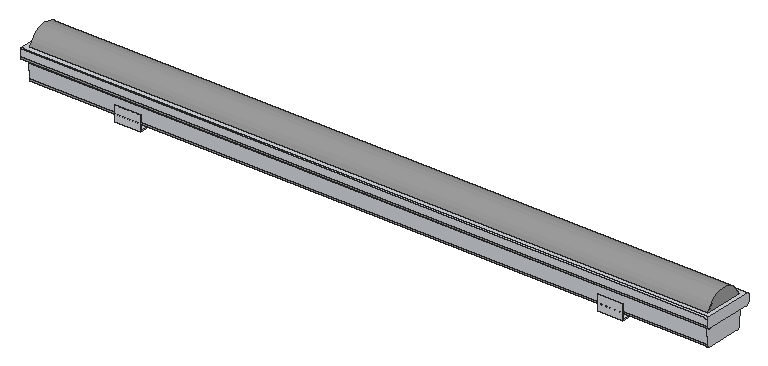
Revit family "0010224", category Lighting Fixtures, host Face, Revit 2018
Family settings
  Host = Face
  Round Connector Dimension = Use Diameter
  Part Type = Normal
  OmniClass Number = 23.80.70.00
  OmniClass Title = Lighting
  Cut with Voids When Loaded = No
  Light Source = Yes
  Shared = No
  Room Calculation Point = No
Parameters (values of type "0010224 RESISTO 1200 IP66 DALI 2800LM 840")
  Weight = "1.59 kg"
  Wattage Comments = ""
  Wattage = 21 W
  WarrantyStartDate [instance] = "n/a"
  WarrantyGuarantorParts = "n/a"
  WarrantyDurationUnit = "n/a"
  WarrantyDurationParts = "n/a"
  WarrantyDescription = "n/a"
  WIDTH_SYL = 44.5 mm
  built-in parameter 1150110 = 1 (stored number, unit not read)
  Voltage = 0 V
  URL = "http://www.sylvania-lighting.com"
  TypeName = "Resisto  1200 IP66 DALI 2800lm 840"
  Type Image = <None>
  Type Comments = "n/a"
  built-in parameter 1114217 = 1 (stored number, unit not read)
  Tilt Angle = -90.00°
  built-in parameter 1150109 = 1 (stored number, unit not read)
  built-in parameter 1150134 = 12
  TOP_WIDTH_SYL = 33.5 mm
  built-in parameter 1150113 = 1 (stored number, unit not read)
  SerialNumber [instance] = "n/a"
  Photometric Web File = "0010224.IES"
  Material_3_SYL = none
  PowerFactor = 0.98
  PowerConsumption = "21 W"
  NominalLength = 1200 mm
  NominalHeight = 80 mm
  NominalDepth = 87 mm
  Name = "Resisto  1200 IP66 DALI 2800lm 840"
  ModelReference = Name  # "Resisto  1200 IP66 DALI 2800lm 840"
  ModelNumber = "0010224"
  Model = Name  # "Resisto  1200 IP66 DALI 2800lm 840"
  Material = "pc polycarbonate housing, pc polycarbonate diffuser"
  ManufacturerName = "Feilo Sylvania"
  Manufacturer = "Feilo Sylvania"
  MID_WIDTH_SYL = 36 mm
  LuminousEfficacy = "133 lm/W"
  built-in parameter 1150105 = 917.95 (stored number, unit not read)
  Lumens = 2793 lm
  LuminaireType = ""
  built-in parameter 1150115 = 1 (stored number, unit not read)
  LightOutputRatio = "n/a"
  built-in parameter 1150137 = (empty or 0)
  built-in parameter 1150139 = (empty or 0)
  LampsType = Lamp  # "LED"
  LampNominalLuminous = "2800 lm"
  LampMacAdamStep = "5"
  LampColourTemperature = "4000 K"
  LampColourRenderingIndex = "80"
  built-in parameter 1150112 = 1 (stored number, unit not read)
  built-in parameter 1150114 = 1 (stored number, unit not read)
  Lamp = "LED"
  LENGHT_SYL = if(L1500_SYL, 742 mm, if(L1200_SYL, 592 mm, 317 mm))  # 592 mm
  LENGHT_CHAMFER_SYL = if(L1500_SYL, 750 mm, if(L1200_SYL, 600 mm, 325 mm))  # 600 mm
  LENGHT_650_SYL = 325 mm
  LENGHT-_SYL = if(L1500_SYL, -742 mm, if(L1200_SYL, -592 mm, -317 mm))  # -592 mm
  LENGHT-_CHAMFER_SYL = if(L1500_SYL, -750 mm, if(L1200_SYL, -600 mm, -325 mm))  # -600 mm
  LEGHT_650-_SYL = -325 mm
  LEGHT_1500_SYL = 750 mm
  LEGHT_1500-_SYL = -750 mm
  LEGHT_1200_SYL = 600 mm
  LEGHT_1200-_SYL = -600 mm
  L0650_SYL = no
  L1500_SYL = no
  L1200_SYL = yes
  Keynote = "16500"
  InstallationDate [instance] = "n/a"
  InputVoltage = "n/a"
  InputNominalFrequency = "n/a"
  built-in parameter 1150132 = (empty or 0)
  built-in parameter 1150102 = (empty or 0)
  built-in parameter 1150107 = 4000 (stored number, unit not read)
  built-in parameter 1150138 = (empty or 0)
  IngressProtection = "IP66"
  ImpactProtectionIndex = "IK08"
  built-in parameter 1150106 = 9.1795 (stored number, unit not read)
  IfcExportType = "IfcLightFixtureType"
  IfcExportAs = "IfcLightFixtureType"
  Emit from Circle Diameter = 609.6 mm
  Emit Shape Visible in Rendering = no
  ElectricShockClassification = "Class I"
  built-in parameter 1150104 = 12.356 (stored number, unit not read)
  DocumentationLiterature = "http://www.sylvania-lighting.com/product/en-int/products/0010224"
  DimmingControlOptions = "n/a"
  Material_2_SYL = none
  Dimming Lamp Color Temperature Shift = <None>
  Description = "Resisto, integrated LED weatherproof luminaire, with UV stabilized flat diffuser designed to achieve uniform lit appearance, optimise light output and to reduce glare. 301 stainless steel diffuser clips and fixing brackets for surface mounting. Polycarbonate housing and diffuser - no yellow discolouration over time. 2800lm; 21W; 133lm/W; 4000K; SDCM<5; DALI dimmable; CRI80; IP66; IK08; Class I; 69,000hrs (L80B20) lifespan; 1200mm x 89mm x 88mm; D-mark."
  Default Elevation = 1219.2 mm
  DIF_WIDHT_SYL = 35 mm
  DIF_HEIGHT_SYL = 24 mm
  CreatedOn = "3/10/2021"
  CreatedBy = "@sylvania-lighting.com"
  Cost = 0
  Color Filter = 16777215
  built-in parameter 1114216 [instance] = (empty or 0)
  ClassificationValue = "EF_70_80"
  ClassificationName = "Uniclass2015"
  Material_1_SYL = Default
  CHAMFER_SYL = 19 mm
  BarCode [instance] = "n/a"
  built-in parameter 1114218 = 1 (stored number, unit not read)
  BRACKET_WIDTH_SYL = BRACKET_DIST_SYL - 44 mm  # 400 mm
  BRACKET_HEIGHT_SYL = 9 mm
  BRACKET_DIST_SYL = LENGHT_CHAMFER_SYL - 156 mm  # 444 mm
  BODY_SYL = 36 mm
  built-in parameter 1150133 = 10 (stored number, unit not read)
  AssetType = "Fixed"
  AssetIdentifier [instance] = "n/a"
  Assembly Code = "D5020200"
  Apparent Load = 21 VA
  Material_4_SYL = none
Reference planes
  plane 1 "Center (Front/Back)": y = 0
  plane 2: z = 0
  plane 3 "Center (Left/Right)": x = 0
  plane 4: z = 9
  plane 5: z = 45
  plane 6: z = 64
  plane 7: z = 88
  plane 8: y = -44.5
  plane 9: y = 44.5
  plane 10: y = -35
  plane 11: y = 35
  plane 12: y = 33.5
  plane 13: y = -33.5
  plane 14: y = -36
  plane 15: y = 36
  plane 16: z = 1
Forms (mm)
  Extrusion 1, solid
    sketch origin (319, 1524, 1219.2) x (0, 1, 0) y (0, 0, 1)
      loop
        line (-1552.835, -1210.2) -> (-1495.165, -1210.2)
        arc (-1495.165, -1210.2) -> (-1491.754, -1208.856) -> (-1490.177, -1205.546) r 5
        line (-1490.177, -1205.546) -> (-1488.323, -1178.854) -> (-1488, -1174.2) -> (-1560, -1174.2) -> (-1559.677, -1178.854) -> (-1557.823, -1205.546)
        arc (-1557.823, -1205.546) -> (-1556.246, -1208.856) -> (-1552.835, -1210.2) r 5
    from -592 <- "LENGHT-_SYL" to 592 <- "LENGHT_SYL"
  Extrusion 2, solid, material "Default" <- "Material_1_SYL"
    sketch origin (319, 1524, 1219.2) x (0, 1, 0) y (0, 0, 1)
      loop
        arc (-1490.5, -1155.2) -> (-1524, -1131.2) -> (-1557.5, -1155.2) r 35.38
        line (-1557.5, -1155.2) -> (-1490.5, -1155.2)
    from -592 <- "LENGHT-_SYL" to 592 <- "LENGHT_SYL"
  Extrusion 3, solid
    sketch origin (319, 1524, 1219.2) x (0, 1, 0) y (0, 0, 1)
      loop
        line (-1481.5, -1155.2) -> (-1566.5, -1155.2)
        arc (-1566.5, -1155.2) -> (-1567.914, -1155.786) -> (-1568.5, -1157.2) r 2
        line (-1568.5, -1157.2) -> (-1568.5, -1169.2)
        arc (-1568.5, -1169.2) -> (-1567.036, -1172.736) -> (-1563.5, -1174.2) r 5
        line (-1563.5, -1174.2) -> (-1484.5, -1174.2)
        arc (-1484.5, -1174.2) -> (-1480.964, -1172.736) -> (-1479.5, -1169.2) r 5
        line (-1479.5, -1169.2) -> (-1479.5, -1157.2)
        arc (-1479.5, -1157.2) -> (-1480.086, -1155.786) -> (-1481.5, -1155.2) r 2
    from -600 <- "LENGHT-_CHAMFER_SYL" to 600 <- "LENGHT_CHAMFER_SYL"
  Extrusion 4, solid
    sketch origin (319, 1524, 1219.2) x (0, 1, 0) y (0, 0, 1)
      loop
        line (-1489, -1219.2) -> (-1489, -1192.216) -> (-1490.5, -1192.216) -> (-1490.5, -1218.2) -> (-1557.5, -1218.2) -> (-1557.5, -1192.172) -> (-1559, -1192.172) -> (-1559, -1219.2) -> (-1489, -1219.2)
    from 400 <- "BRACKET_WIDTH_SYL" to 444 <- "BRACKET_DIST_SYL"
  Extrusion 5, solid
    sketch origin (321, 1524, 1219.2) x (0, 1, 0) y (0, 0, -1)
      loop
        line (-1489, 1219.2) -> (-1559, 1219.2) -> (-1559, 1192.172) -> (-1557.5, 1192.172) -> (-1557.5, 1218.2) -> (-1490.5, 1218.2) -> (-1490.5, 1192.216) -> (-1489, 1192.216) -> (-1489, 1219.2)
    from 400 <- "BRACKET_WIDTH_SYL" to 444 <- "BRACKET_DIST_SYL"
Dimensions and locks
  "BRACKET_HEIGHT_SYL": plane 4 to host face
  "BODY_SYL": plane 4 to plane 5
  "CHAMFER_SYL": plane 5 to plane 6
  "DIF_HEIGHT_SYL": plane 6 to plane 7
  "WIDTH_SYL": plane 9 to plane 1 "Center (Front/Back)" to plane 8
  "DIF_WIDHT_SYL": plane 11 to plane 1 "Center (Front/Back)" to plane 10
  "TOP_WIDTH_SYL": plane 12 to plane 1 "Center (Front/Back)" to plane 13
  "MID_WIDTH_SYL": plane 15 to plane 1 "Center (Front/Back)" to plane 14
  aligned and locked: plane 2 to host face
  aligned and locked: level to host face
  aligned and locked: Extrusion 3 sketch curve to plane 6
  aligned and locked: Extrusion 3 sketch curve to plane 9
  aligned and locked: plane 5 to Extrusion 3 sketch curve
  aligned and locked: plane 8 to Extrusion 3 sketch curve
Automatic sketch dimensions
  host sketch curve to host sketch curve = 2438.4 mm  (x2)
  plane 5 to Extrusion 1 sketch curve = 0 mm
  Extrusion 1 sketch curve to plane 14 = 0 mm
  plane 4 to Extrusion 1 sketch curve = 0 mm
  Extrusion 1 sketch curve to plane 15 = 0 mm
  Extrusion 1 sketch curve to plane 14 = 0.323 mm
  plane 13 to Extrusion 1 sketch curve = 0.323 mm
  Extrusion 1 sketch curve to plane 13 = 4.665 mm
  plane 12 to Extrusion 1 sketch curve = 4.665 mm
  Extrusion 1 sketch curve to plane 12 = 0.323 mm
  plane 15 to Extrusion 1 sketch curve = 0.323 mm
  Extrusion 1 sketch curve to plane 4 = 4.654 mm  (x2)
  plane 5 to Extrusion 1 sketch curve = 4.654 mm  (x2)
  plane 6 to Extrusion 2 sketch curve = 0 mm
  Extrusion 2 sketch curve to plane 13 = 0 mm
  Extrusion 2 sketch curve to plane 1 "Center (Front/Back)" = 0 mm
  Extrusion 2 sketch curve to plane 5 = 7.62 mm
  Extrusion 3 sketch curve to plane 8 = 2 mm
  plane 14 to Extrusion 3 sketch curve = 3.5 mm
  Extrusion 3 sketch curve to plane 15 = 3.5 mm
  plane 6 to Extrusion 3 sketch curve = 2 mm
  Extrusion 4 sketch curve to level = 0 mm
  Extrusion 4 sketch curve to plane 10 = 0 mm
  Extrusion 4 sketch curve to plane 13 = 0 mm
  Extrusion 4 sketch curve to plane 12 = 0 mm
  Extrusion 4 sketch curve to plane 11 = 0 mm
  plane 16 to Extrusion 4 sketch curve = 0 mm
  Extrusion 4 sketch curve to plane 4 = 17.984 mm
  plane 5 to Extrusion 4 sketch curve = 17.972 mm
  Extrusion 5 sketch curve to level = 0 mm
  Extrusion 5 sketch curve to plane 10 = 0 mm
  Extrusion 5 sketch curve to plane 13 = 0 mm
  Extrusion 5 sketch curve to plane 12 = 0 mm
  Extrusion 5 sketch curve to plane 11 = 0 mm
  plane 16 to Extrusion 5 sketch curve = 0 mm
  Extrusion 5 sketch curve to plane 4 = 17.984 mm
  plane 5 to Extrusion 5 sketch curve = 17.972 mm
Connectors
  electrical at (-273, 0, 27)
    settings: on Extrusion 1, index 1, voltage 0 V, apparent load 0 VA, apparent load phase1 0 VA, apparent load phase2 0 VA, apparent load phase3 0 VA, power factor 1, load classification "Other", number of poles 1, system type 31, power factor state 1, is connector primary yes, connector utility no, sub classification motor no, connector description ""
Types (60, lengths in mm): name | Weight | Wattage | TypeName | built-in parameter 1150134 | Photometric Web File | PowerFactor | PowerConsumption | NominalLength | Name | ModelReference | ModelNumber | Model | LuminousEfficacy | built-in parameter 1150105 | Lumens | LampNominalLuminous | LampMacAdamStep | LampColourTemperature | LENGHT_SYL | LENGHT_CHAMFER_SYL | LENGHT-_SYL | LENGHT-_CHAMFER_SYL | L0650_SYL | L1500_SYL | L1200_SYL | built-in parameter 1150107 | built-in parameter 1150106 | built-in parameter 1150104 | DocumentationLiterature | Description | BRACKET_WIDTH_SYL | BRACKET_DIST_SYL | Apparent Load
  0010278 RESISTO 1500 HE IP66 8300LM 840 | "1.95 kg" | 54 W | "Resisto 1500 HE IP66 8300lm 840" | 12 | "0010278.ies" | 0.95 | "54 W" | 1500 | "Resisto 1500 HE IP66 8300lm 840" | "Resisto 1500 HE IP66 8300lm 840" | "0010278" | "Resisto 1500 HE IP66 8300lm 840" | "154 lm/W" | 2674.3 (stored number, unit not read) | 8316 lm | "8300 lm" | "3" | "4000 K" | 742 | 750 | -742 | -750 | no | yes | no | 4000 (stored number, unit not read) | 26.743 (stored number, unit not read) | 14.307 (stored number, unit not read) | "http://www.sylvania-lighting.com/product/en-int/products/0010278" | "Resisto, integrated LED weatherproof luminaire, with UV stabilized flat diffuser designed to achieve uniform lit appearance, optimise light output and to reduce glare. 301 stainless steel diffuser clips and fixing brackets for surface mounting. Polycarbonate housing and diffuser - no yellow discolouration over time. 8300lm; 54W; 154lm/W; 4000K; SDCM<3; non dimmable; CRI80; IP66; IK08; Class I; 69,000hrs (L80B20) lifespan; 1500mm x 89mm x 88mm; D-mark." | 550 | 594 | 54 VA
  0010274 RESISTO 1500 HE IP66 DALI 7100LM 840 | "2.01 kg" | 46 W | "Resisto 1500 HE IP66 DALI 7100lm 840" | 12 | "0010274.ies" | 0.98 | "46 W" | 1500 | "Resisto 1500 HE IP66 DALI 7100lm 840" | "Resisto 1500 HE IP66 DALI 7100lm 840" | "0010274" | "Resisto 1500 HE IP66 DALI 7100lm 840" | "154 lm/W" | 2362.2 (stored number, unit not read) | 7084 lm | "7100 lm" | "3" | "4000 K" | 742 | 750 | -742 | -750 | no | yes | no | 4000 (stored number, unit not read) | 23.622 (stored number, unit not read) | 14.307 (stored number, unit not read) | "http://www.sylvania-lighting.com/product/en-int/products/0010274" | "Resisto, integrated LED weatherproof luminaire, with UV stabilized flat diffuser designed to achieve uniform lit appearance, optimise light output and to reduce glare. 301 stainless steel diffuser clips and fixing brackets for surface mounting. Polycarbonate housing and diffuser - no yellow discolouration over time. 7100lm; 46W; 154lm/W; 4000K; SDCM<3; DALI dimmable; CRI80; IP66; IK08; Class I; 69,000hrs (L80B20) lifespan; 1500mm x 89mm x 88mm; D-mark." | 550 | 594 | 46 VA
  0010273 RESISTO 1500 HE IP66 DALI 4000LM 840 | "1.95 kg" | 25 W | "Resisto 1500 HE IP66 DALI 4000lm 840" | 12 | "0010273.ies" | 0.98 | "25 W" | 1500 | "Resisto 1500 HE IP66 DALI 4000lm 840" | "Resisto 1500 HE IP66 DALI 4000lm 840" | "0010273" | "Resisto 1500 HE IP66 DALI 4000lm 840" | "160 lm/W" | 1286.3 (stored number, unit not read) | 4000 lm | "4000 lm" | "3" | "4000 K" | 742 | 750 | -742 | -750 | no | yes | no | 4000 (stored number, unit not read) | 12.863 (stored number, unit not read) | 14.864 (stored number, unit not read) | "http://www.sylvania-lighting.com/product/en-int/products/0010273" | "Resisto, integrated LED weatherproof luminaire, with UV stabilized flat diffuser designed to achieve uniform lit appearance, optimise light output and to reduce glare. 301 stainless steel diffuser clips and fixing brackets for surface mounting. Polycarbonate housing and diffuser - no yellow discolouration over time. 4000lm; 25W; 160lm/W; 4000K; SDCM<3; DALI dimmable; CRI80; IP66; IK08; Class I; 69,000hrs (L80B20) lifespan; 1500mm x 89mm x 88mm; D-mark." | 550 | 594 | 25 VA
  0010272 RESISTO 1500 HE IP66 7100LM 840 EM | "2.58 kg" | 50 W | "Resisto 1500 HE IP66 7100lm 840 EM" | 12 | "0010272.ies" | 0.95 | "50 W" | 1500 | "Resisto 1500 HE IP66 7100lm 840 EM" | "Resisto 1500 HE IP66 7100lm 840 EM" | "0010272" | "Resisto 1500 HE IP66 7100lm 840 EM" | "142 lm/W" | 2367.5 (stored number, unit not read) | 7100 lm | "7100 lm" | "3" | "4000 K" | 742 | 750 | -742 | -750 | no | yes | no | 4000 (stored number, unit not read) | 23.675 (stored number, unit not read) | 13.192 (stored number, unit not read) | "http://www.sylvania-lighting.com/product/en-int/products/0010272" | "Resisto, integrated LED weatherproof luminaire, with UV stabilized flat diffuser designed to achieve uniform lit appearance, optimise light output and to reduce glare. 301 stainless steel diffuser clips and fixing brackets for surface mounting. Polycarbonate housing and diffuser - no yellow discolouration over time. 7100lm; 50W; 142lm/W; 4000K; SDCM<3; non dimmable; CRI80; IP66; IK08; Class I; 69,000hrs (L80B20) lifespan; 1500mm x 89mm x 88mm; D-mark; 3-hour maintained emergency batteries." | 550 | 594 | 50 VA
  0010271 RESISTO 1500 HE IP66 4000LM 840 EM | "2.51 kg" | 29 W | "Resisto 1500 HE IP66 4000lm 840 EM" | 12 | "0010271.ies" | 0.95 | "29 W" | 1500 | "Resisto 1500 HE IP66 4000lm 840 EM" | "Resisto 1500 HE IP66 4000lm 840 EM" | "0010271" | "Resisto 1500 HE IP66 4000lm 840 EM" | "138 lm/W" | 1287 (stored number, unit not read) | 4002 lm | "4000 lm" | "3" | "4000 K" | 742 | 750 | -742 | -750 | no | yes | no | 4000 (stored number, unit not read) | 12.87 (stored number, unit not read) | 12.821 (stored number, unit not read) | "http://www.sylvania-lighting.com/product/en-int/products/0010271" | "Resisto, integrated LED weatherproof luminaire, with UV stabilized flat diffuser designed to achieve uniform lit appearance, optimise light output and to reduce glare. 301 stainless steel diffuser clips and fixing brackets for surface mounting. Polycarbonate housing and diffuser - no yellow discolouration over time. 4000lm; 29W; 138lm/W; 4000K; SDCM<3; non dimmable; CRI80; IP66; IK08; Class I; 69,000hrs (L80B20) lifespan; 1500mm x 89mm x 88mm; D-mark; 3-hour maintained emergency batteries." | 550 | 594 | 29 VA
  0010269 RESISTO 1500 HE IP66 7100LM 840 | "1.95 kg" | 46 W | "Resisto  1500 HE IP66 7100lm 840" | 12 | "0010269.ies" | 0.95 | "46 W" | 1500 | "Resisto  1500 HE IP66 7100lm 840" | "Resisto  1500 HE IP66 7100lm 840" | "0010269" | "Resisto  1500 HE IP66 7100lm 840" | "154 lm/W" | 2362.2 (stored number, unit not read) | 7084 lm | "7100 lm" | "3" | "4000 K" | 742 | 750 | -742 | -750 | no | yes | no | 4000 (stored number, unit not read) | 23.622 (stored number, unit not read) | 14.307 (stored number, unit not read) | "http://www.sylvania-lighting.com/product/en-int/products/0010269" | "Resisto, integrated LED weatherproof luminaire, with UV stabilized flat diffuser designed to achieve uniform lit appearance, optimise light output and to reduce glare. 301 stainless steel diffuser clips and fixing brackets for surface mounting. Polycarbonate housing and diffuser - no yellow discolouration over time. 7100lm; 46W; 154lm/W; 4000K; SDCM<3; non dimmable; CRI80; IP66; IK08; Class I; 69,000hrs (L80B20) lifespan; 1500mm x 89mm x 88mm; D-mark." | 550 | 594 | 46 VA
  0010268 RESISTO 1500 HE IP66 4000LM 840 | "1.87 kg" | 25 W | "Resisto  1500 HE IP66 4000lm 840" | 12 | "0010268.ies" | 0.95 | "25 W" | 1500 | "Resisto  1500 HE IP66 4000lm 840" | "Resisto  1500 HE IP66 4000lm 840" | "0010268" | "Resisto  1500 HE IP66 4000lm 840" | "160 lm/W" | 1286.3 (stored number, unit not read) | 4000 lm | "4000 lm" | "3" | "4000 K" | 742 | 750 | -742 | -750 | no | yes | no | 4000 (stored number, unit not read) | 12.863 (stored number, unit not read) | 14.864 (stored number, unit not read) | "http://www.sylvania-lighting.com/product/en-int/products/0010268" | "Resisto, integrated LED weatherproof luminaire, with UV stabilized flat diffuser designed to achieve uniform lit appearance, optimise light output and to reduce glare. 301 stainless steel diffuser clips and fixing brackets for surface mounting. Polycarbonate housing and diffuser - no yellow discolouration over time. 4000lm; 25W; 160lm/W; 4000K; SDCM<3; non dimmable; CRI80; IP66; IK08; Class I; 69,000hrs (L80B20) lifespan; 1500mm x 89mm x 88mm; D-mark." | 550 | 594 | 25 VA
  0010261 RESISTO 1500 IP66 DALI 8300LM 840 | "2.01 kg" | 61 W | "Resisto  1500 IP66 DALI 8300lm 840" | 12 | "0010261.ies" | 0.99 | "61 W" | 1500 | "Resisto  1500 IP66 DALI 8300lm 840" | "Resisto  1500 IP66 DALI 8300lm 840" | "0010261" | "Resisto  1500 IP66 DALI 8300lm 840" | "136 lm/W" | 2792.8 (stored number, unit not read) | 8296 lm | "8300 lm" | "5" | "4000 K" | 742 | 750 | -742 | -750 | no | yes | no | 4000 (stored number, unit not read) | 27.928 (stored number, unit not read) | 12.635 (stored number, unit not read) | "http://www.sylvania-lighting.com/product/en-int/products/0010261" | "Resisto, integrated LED weatherproof luminaire, with UV stabilized flat diffuser designed to achieve uniform lit appearance, optimise light output and to reduce glare. 301 stainless steel diffuser clips and fixing brackets for surface mounting. Polycarbonate housing and diffuser - no yellow discolouration over time. 8300lm; 61W; 136lm/W; 4000K; SDCM<5; DALI dimmable; CRI80; IP66; IK08; Class I; 69,000hrs (L80B20) lifespan; 1500mm x 89mm x 88mm; D-mark." | 550 | 594 | 61 VA
  0010260 RESISTO 1500 IP66 DALI 7100LM 840 | "2.01 kg" | 52 W | "Resisto  1500 IP66 DALI 7100lm 840" | 12 | "0010260.ies" | 0.99 | "52 W" | 1500 | "Resisto  1500 IP66 DALI 7100lm 840" | "Resisto  1500 IP66 DALI 7100lm 840" | "0010260" | "Resisto  1500 IP66 DALI 7100lm 840" | "137 lm/W" | 2375.5 (stored number, unit not read) | 7124 lm | "7100 lm" | "5" | "4000 K" | 742 | 750 | -742 | -750 | no | yes | no | 4000 (stored number, unit not read) | 23.755 (stored number, unit not read) | 12.728 (stored number, unit not read) | "http://www.sylvania-lighting.com/product/en-int/products/0010260" | "Resisto, integrated LED weatherproof luminaire, with UV stabilized flat diffuser designed to achieve uniform lit appearance, optimise light output and to reduce glare. 301 stainless steel diffuser clips and fixing brackets for surface mounting. Polycarbonate housing and diffuser - no yellow discolouration over time. 7100lm; 52W; 137lm/W; 4000K; SDCM<5; DALI dimmable; CRI80; IP66; IK08; Class I; 69,000hrs (L80B20) lifespan; 1500mm x 89mm x 88mm; D-mark." | 550 | 594 | 52 VA
  0010259 RESISTO 1500 IP66 DALI 4000LM 840 | "1.95 kg" | 30 W | "Resisto  1500 IP66 DALI 4000lm 840" | 12 | "0010259.ies" | 0.98 | "30 W" | 1500 | "Resisto  1500 IP66 DALI 4000lm 840" | "Resisto  1500 IP66 DALI 4000lm 840" | "0010259" | "Resisto  1500 IP66 DALI 4000lm 840" | "133 lm/W" | 1283.1 (stored number, unit not read) | 3990 lm | "4000 lm" | "5" | "4000 K" | 742 | 750 | -742 | -750 | no | yes | no | 4000 (stored number, unit not read) | 12.831 (stored number, unit not read) | 12.356 (stored number, unit not read) | "http://www.sylvania-lighting.com/product/en-int/products/0010259" | "Resisto, integrated LED weatherproof luminaire, with UV stabilized flat diffuser designed to achieve uniform lit appearance, optimise light output and to reduce glare. 301 stainless steel diffuser clips and fixing brackets for surface mounting. Polycarbonate housing and diffuser - no yellow discolouration over time. 4000lm; 30W; 133lm/W; 4000K; SDCM<5; DALI dimmable; CRI80; IP66; IK08; Class I; 69,000hrs (L80B20) lifespan; 1500mm x 89mm x 88mm; D-mark." | 550 | 594 | 30 VA
  0010258 RESISTO 1500 IP66 MWCOR 7100LM 840 | "2.06 kg" | 52 W | "Resisto  1500 IP66 MWcor 7100lm 840" | 12 | "0010258.ies" | 0.99 | "52 W" | 1500 | "Resisto  1500 IP66 MWcor 7100lm 840" | "Resisto  1500 IP66 MWcor 7100lm 840" | "0010258" | "Resisto  1500 IP66 MWcor 7100lm 840" | "137 lm/W" | 2375.5 (stored number, unit not read) | 7124 lm | "7100 lm" | "5" | "4000 K" | 742 | 750 | -742 | -750 | no | yes | no | 4000 (stored number, unit not read) | 23.755 (stored number, unit not read) | 12.728 (stored number, unit not read) | "http://www.sylvania-lighting.com/product/en-int/products/0010258" | "Resisto, integrated LED weatherproof luminaire, with UV stabilized flat diffuser designed to achieve uniform lit appearance, optimise light output and to reduce glare. 301 stainless steel diffuser clips and fixing brackets for surface mounting. Polycarbonate housing and diffuser - no yellow discolouration over time. 7100lm; 52W; 137lm/W; 4000K; SDCM<5; non dimmable; CRI80; IP66; IK08; Class I; 69,000hrs (L80B20) lifespan; 1500mm x 89mm x 88mm; D-mark; corridor function with microwave presence sensor." | 550 | 594 | 52 VA
  0010257 RESISTO 1500 IP66 MWCOR 4000LM 840 | "2.0 kg" | 30 W | "Resisto  1500 IP66 MWcor 4000lm 840" | 12 | "0010257.ies" | 0.98 | "30 W" | 1500 | "Resisto  1500 IP66 MWcor 4000lm 840" | "Resisto  1500 IP66 MWcor 4000lm 840" | "0010257" | "Resisto  1500 IP66 MWcor 4000lm 840" | "133 lm/W" | 1283.1 (stored number, unit not read) | 3990 lm | "4000 lm" | "5" | "4000 K" | 742 | 750 | -742 | -750 | no | yes | no | 4000 (stored number, unit not read) | 12.831 (stored number, unit not read) | 12.356 (stored number, unit not read) | "http://www.sylvania-lighting.com/product/en-int/products/0010257" | "Resisto, integrated LED weatherproof luminaire, with UV stabilized flat diffuser designed to achieve uniform lit appearance, optimise light output and to reduce glare. 301 stainless steel diffuser clips and fixing brackets for surface mounting. Polycarbonate housing and diffuser - no yellow discolouration over time. 4000lm; 30W; 133lm/W; 4000K; SDCM<5; non dimmable; CRI80; IP66; IK08; Class I; 69,000hrs (L80B20) lifespan; 1500mm x 89mm x 88mm; D-mark; corridor function with microwave presence sensor." | 550 | 594 | 30 VA
  0010256 RESISTO 1500 IP66 MW 7100LM 840 | "2.0 kg" | 52 W | "Resisto  1500 IP66 MW 7100lm 840" | 12 | "0010256.ies" | 0.95 | "52 W" | 1500 | "Resisto  1500 IP66 MW 7100lm 840" | "Resisto  1500 IP66 MW 7100lm 840" | "0010256" | "Resisto  1500 IP66 MW 7100lm 840" | "137 lm/W" | 2375.5 (stored number, unit not read) | 7124 lm | "7100 lm" | "5" | "4000 K" | 742 | 750 | -742 | -750 | no | yes | no | 4000 (stored number, unit not read) | 23.755 (stored number, unit not read) | 12.728 (stored number, unit not read) | "http://www.sylvania-lighting.com/product/en-int/products/0010256" | "Resisto, integrated LED weatherproof luminaire, with UV stabilized flat diffuser designed to achieve uniform lit appearance, optimise light output and to reduce glare. 301 stainless steel diffuser clips and fixing brackets for surface mounting. Polycarbonate housing and diffuser - no yellow discolouration over time. 7100lm; 52W; 137lm/W; 4000K; SDCM<5; non dimmable; CRI80; IP66; IK08; Class I; 69,000hrs (L80B20) lifespan; 1500mm x 89mm x 88mm; D-mark; MW On/Off." | 550 | 594 | 52 VA
  0010255 RESISTO 1500 IP66 MW 4000LM 840 | "1.92 kg" | 30 W | "Resisto  1500 IP66 MW 4000lm 840" | 12 | "0010255.ies" | 0.95 | "30 W" | 1500 | "Resisto  1500 IP66 MW 4000lm 840" | "Resisto  1500 IP66 MW 4000lm 840" | "0010255" | "Resisto  1500 IP66 MW 4000lm 840" | "133 lm/W" | 1283.1 (stored number, unit not read) | 3990 lm | "4000 lm" | "5" | "4000 K" | 742 | 750 | -742 | -750 | no | yes | no | 4000 (stored number, unit not read) | 12.831 (stored number, unit not read) | 12.356 (stored number, unit not read) | "http://www.sylvania-lighting.com/product/en-int/products/0010255" | "Resisto, integrated LED weatherproof luminaire, with UV stabilized flat diffuser designed to achieve uniform lit appearance, optimise light output and to reduce glare. 301 stainless steel diffuser clips and fixing brackets for surface mounting. Polycarbonate housing and diffuser - no yellow discolouration over time. 4000lm; 30W; 133lm/W; 4000K; SDCM<5; non dimmable; CRI80; IP66; IK08; Class I; 69,000hrs (L80B20) lifespan; 1500mm x 89mm x 88mm; D-mark; MW On/Off." | 550 | 594 | 30 VA
  0010254 RESISTO 1500 IP66 7100LM 840 EM | "2.59 kg" | 56 W | "Resisto  1500 IP66 7100lm 840 EM" | 12 | "0010254.ies" | 0.95 | "56 W" | 1500 | "Resisto  1500 IP66 7100lm 840 EM" | "Resisto  1500 IP66 7100lm 840 EM" | "0010254" | "Resisto  1500 IP66 7100lm 840 EM" | "127 lm/W" | 2371.5 (stored number, unit not read) | 7112 lm | "7100 lm" | "5" | "4000 K" | 742 | 750 | -742 | -750 | no | yes | no | 4000 (stored number, unit not read) | 23.715 (stored number, unit not read) | 11.799 (stored number, unit not read) | "http://www.sylvania-lighting.com/product/en-int/products/0010254" | "Resisto, integrated LED weatherproof luminaire, with UV stabilized flat diffuser designed to achieve uniform lit appearance, optimise light output and to reduce glare. 301 stainless steel diffuser clips and fixing brackets for surface mounting. Polycarbonate housing and diffuser - no yellow discolouration over time. 7100lm; 56W; 127lm/W; 4000K; SDCM<5; non dimmable; CRI80; IP66; IK08; Class I; 69,000hrs (L80B20) lifespan; 1500mm x 89mm x 88mm; D-mark; 3-hour maintained emergency batteries." | 550 | 594 | 56 VA
  0010253 RESISTO 1500 IP66 4000LM 840 EM | "2.5 kg" | 34 W | "Resisto  1500 IP66 4000lm 840 EM" | 12 | "0010253.ies" | 0.95 | "34 W" | 1500 | "Resisto  1500 IP66 4000lm 840 EM" | "Resisto  1500 IP66 4000lm 840 EM" | "0010253" | "Resisto  1500 IP66 4000lm 840 EM" | "118 lm/W" | 1290.2 (stored number, unit not read) | 4012 lm | "4000 lm" | "5" | "4000 K" | 742 | 750 | -742 | -750 | no | yes | no | 4000 (stored number, unit not read) | 12.902 (stored number, unit not read) | 10.963 (stored number, unit not read) | "http://www.sylvania-lighting.com/product/en-int/products/0010253" | "Resisto, integrated LED weatherproof luminaire, with UV stabilized flat diffuser designed to achieve uniform lit appearance, optimise light output and to reduce glare. 301 stainless steel diffuser clips and fixing brackets for surface mounting. Polycarbonate housing and diffuser - no yellow discolouration over time. 4000lm; 34W; 118lm/W; 4000K; SDCM<5; non dimmable; CRI80; IP66; IK08; Class I; 69,000hrs (L80B20) lifespan; 1500mm x 89mm x 88mm; D-mark; 3-hour maintained emergency batteries." | 550 | 594 | 34 VA
  0010252 RESISTO 1500 IP66 7100LM 840 5XTH | "2.18 kg" | 52 W | "Resisto 1500 IP66 7100lm 840 5xTH" | 12 | "0010252.ies" | 0.95 | "52 W" | 1500 | "Resisto 1500 IP66 7100lm 840 5xTH" | "Resisto 1500 IP66 7100lm 840 5xTH" | "0010252" | "Resisto 1500 IP66 7100lm 840 5xTH" | "137 lm/W" | 2375.5 (stored number, unit not read) | 7124 lm | "7100 lm" | "5" | "4000 K" | 742 | 750 | -742 | -750 | no | yes | no | 4000 (stored number, unit not read) | 23.755 (stored number, unit not read) | 12.728 (stored number, unit not read) | "http://www.sylvania-lighting.com/product/en-int/products/0010252" | "Resisto, integrated LED weatherproof luminaire, with UV stabilized flat diffuser designed to achieve uniform lit appearance, optimise light output and to reduce glare. 301 stainless steel diffuser clips and fixing brackets for surface mounting. Polycarbonate housing and diffuser - no yellow discolouration over time. 7100lm; 52W; 137lm/W; 4000K; SDCM<5; non dimmable; CRI80; IP66; IK08; Class I; 69,000hrs (L80B20) lifespan; 1500mm x 89mm x 88mm; D-mark; through wiring." | 550 | 594 | 52 VA
  0010251 RESISTO 1500 IP66 4000LM 840 5XTH | "2.1 kg" | 30 W | "Resisto 1500 IP66 4000lm 840 5xTH" | 12 | "0010251.ies" | 0.95 | "30 W" | 1500 | "Resisto 1500 IP66 4000lm 840 5xTH" | "Resisto 1500 IP66 4000lm 840 5xTH" | "0010251" | "Resisto 1500 IP66 4000lm 840 5xTH" | "133 lm/W" | 1283.1 (stored number, unit not read) | 3990 lm | "4000 lm" | "5" | "4000 K" | 742 | 750 | -742 | -750 | no | yes | no | 4000 (stored number, unit not read) | 12.831 (stored number, unit not read) | 12.356 (stored number, unit not read) | "http://www.sylvania-lighting.com/product/en-int/products/0010251" | "Resisto, integrated LED weatherproof luminaire, with UV stabilized flat diffuser designed to achieve uniform lit appearance, optimise light output and to reduce glare. 301 stainless steel diffuser clips and fixing brackets for surface mounting. Polycarbonate housing and diffuser - no yellow discolouration over time. 4000lm; 30W; 133lm/W; 4000K; SDCM<5; non dimmable; CRI80; IP66; IK08; Class I; 69,000hrs (L80B20) lifespan; 1500mm x 89mm x 88mm; D-mark; through wiring." | 550 | 594 | 30 VA
  0010250 RESISTO 1500 IP66 7100LM 840 QC | "2.02 kg" | 52 W | "Resisto  1500 IP66 7100lm 840 QC" | 12 | "0010250.ies" | 0.95 | "52 W" | 1512 | "Resisto  1500 IP66 7100lm 840 QC" | "Resisto  1500 IP66 7100lm 840 QC" | "0010250" | "Resisto  1500 IP66 7100lm 840 QC" | "137 lm/W" | 2375.5 (stored number, unit not read) | 7124 lm | "7100 lm" | "5" | "4000 K" | 742 | 750 | -742 | -750 | no | yes | no | 4000 (stored number, unit not read) | 23.755 (stored number, unit not read) | 12.728 (stored number, unit not read) | "http://www.sylvania-lighting.com/product/en-int/products/0010250" | "Resisto, integrated LED weatherproof luminaire, with UV stabilized flat diffuser designed to achieve uniform lit appearance, optimise light output and to reduce glare. 301 stainless steel diffuser clips and fixing brackets for surface mounting. Polycarbonate housing and diffuser - no yellow discolouration over time. 7100lm; 52W; 137lm/W; 4000K; SDCM<5; non dimmable; CRI80; IP66; IK08; Class I; 69,000hrs (L80B20) lifespan; 1500mm x 89mm x 88mm; D-mark; assembled with quick connector." | 550 | 594 | 52 VA
  0010249 RESISTO 1500 IP66 4000LM 840 QC | "1.94 kg" | 30 W | "Resisto  1500 IP66 4000lm 840 QC" | 12 | "0010249.ies" | 0.95 | "30 W" | 1512 | "Resisto  1500 IP66 4000lm 840 QC" | "Resisto  1500 IP66 4000lm 840 QC" | "0010249" | "Resisto  1500 IP66 4000lm 840 QC" | "133 lm/W" | 1283.1 (stored number, unit not read) | 3990 lm | "4000 lm" | "5" | "4000 K" | 742 | 750 | -742 | -750 | no | yes | no | 4000 (stored number, unit not read) | 12.831 (stored number, unit not read) | 12.356 (stored number, unit not read) | "http://www.sylvania-lighting.com/product/en-int/products/0010249" | "Resisto, integrated LED weatherproof luminaire, with UV stabilized flat diffuser designed to achieve uniform lit appearance, optimise light output and to reduce glare. 301 stainless steel diffuser clips and fixing brackets for surface mounting. Polycarbonate housing and diffuser - no yellow discolouration over time. 4000lm; 30W; 133lm/W; 4000K; SDCM<5; non dimmable; CRI80; IP66; IK08; Class I; 69,000hrs (L80B20) lifespan; 1500mm x 89mm x 88mm; D-mark; assembled with quick connector." | 550 | 594 | 30 VA
  0010248 RESISTO 1500 IP66 8300LM 865 | "1.95 kg" | 61 W | "Resisto  1500 IP66 8300lm 865" | 1 | "0010248.ies" | 0.95 | "61 W" | 1500 | "Resisto  1500 IP66 8300lm 865" | "Resisto  1500 IP66 8300lm 865" | "0010248" | "Resisto  1500 IP66 8300lm 865" | "136 lm/W" | 2792.8 (stored number, unit not read) | 8296 lm | "8300 lm" | "5" | "6500 K" | 742 | 750 | -742 | -750 | no | yes | no | 6500 (stored number, unit not read) | 27.928 (stored number, unit not read) | 12.635 (stored number, unit not read) | "http://www.sylvania-lighting.com/product/en-int/products/0010248" | "Resisto, integrated LED weatherproof luminaire, with UV stabilized flat diffuser designed to achieve uniform lit appearance, optimise light output and to reduce glare. 301 stainless steel diffuser clips and fixing brackets for surface mounting. Polycarbonate housing and diffuser - no yellow discolouration over time. 8300lm; 61W; 136lm/W; 6500K; SDCM<5; non dimmable; CRI80; IP66; IK08; Class I; 69,000hrs (L80B20) lifespan; 1500mm x 89mm x 88mm; D-mark." | 550 | 594 | 61 VA
  0010247 RESISTO 1500 IP66 7100LM 865 | "1.95 kg" | 52 W | "Resisto  1500 IP66 7100lm 865" | 1 | "0010247.ies" | 0.95 | "52 W" | 1500 | "Resisto  1500 IP66 7100lm 865" | "Resisto  1500 IP66 7100lm 865" | "0010247" | "Resisto  1500 IP66 7100lm 865" | "137 lm/W" | 2375.5 (stored number, unit not read) | 7124 lm | "7100 lm" | "5" | "6500 K" | 742 | 750 | -742 | -750 | no | yes | no | 6500 (stored number, unit not read) | 23.755 (stored number, unit not read) | 12.728 (stored number, unit not read) | "http://www.sylvania-lighting.com/product/en-int/products/0010247" | "Resisto, integrated LED weatherproof luminaire, with UV stabilized flat diffuser designed to achieve uniform lit appearance, optimise light output and to reduce glare. 301 stainless steel diffuser clips and fixing brackets for surface mounting. Polycarbonate housing and diffuser - no yellow discolouration over time. 7100lm; 52W; 137lm/W; 6500K; SDCM<5; non dimmable; CRI80; IP66; IK08; Class I; 69,000hrs (L80B20) lifespan; 1500mm x 89mm x 88mm; D-mark." | 550 | 594 | 52 VA
  0010246 RESISTO 1500 IP66 4000LM 865 | "1.87 kg" | 30 W | "Resisto  1500 IP66 4000lm 865" | 1 | "0010246.ies" | 0.95 | "30 W" | 1500 | "Resisto  1500 IP66 4000lm 865" | "Resisto  1500 IP66 4000lm 865" | "0010246" | "Resisto  1500 IP66 4000lm 865" | "133 lm/W" | 1283.1 (stored number, unit not read) | 3990 lm | "4000 lm" | "5" | "6500 K" | 742 | 750 | -742 | -750 | no | yes | no | 6500 (stored number, unit not read) | 12.831 (stored number, unit not read) | 12.356 (stored number, unit not read) | "http://www.sylvania-lighting.com/product/en-int/products/0010246" | "Resisto, integrated LED weatherproof luminaire, with UV stabilized flat diffuser designed to achieve uniform lit appearance, optimise light output and to reduce glare. 301 stainless steel diffuser clips and fixing brackets for surface mounting. Polycarbonate housing and diffuser - no yellow discolouration over time. 4000lm; 30W; 133lm/W; 6500K; SDCM<5; non dimmable; CRI80; IP66; IK08; Class I; 69,000hrs (L80B20) lifespan; 1500mm x 89mm x 88mm; D-mark." | 550 | 594 | 30 VA
  0010245 RESISTO 1500 IP66 8300LM 840 | "15.48 kg" | 61 W | "Resisto  1500 IP66 8300lm 840" | 12 | "0010245.ies" | 0.95 | "61.0 W" | 1500 | "Resisto  1500 IP66 8300lm 840" | "Resisto  1500 IP66 8300lm 840" | "0010245" | "Resisto  1500 IP66 8300lm 840" | "136 lm/W" | -23179853.6 (stored number, unit not read) | 8296 lm | "8300 lm" | "5" | "4000 K" | 742 | 750 | -742 | -750 | no | yes | no | 4000 (stored number, unit not read) | -231798.5 (stored number, unit not read) | 12.635 (stored number, unit not read) | "http://www.sylvania-lighting.com/product/en-int/products/0010245" | "Resisto, integrated LED weatherproof luminaire, with UV stabilized flat diffuser designed to achieve uniform lit appearance, optimise light output and to reduce glare. 301 stainless steel diffuser clips and fixing brackets for surface mounting. Polycarbonate housing and diffuser - no yellow discolouration over time. 8300lm; 61W; 136lm/W; 4000K; SDCM<5; non dimmable; CRI80; IP66; IK08; Class I; 69,000hrs (L80B20) lifespan; 1500mm x 89mm x 88mm; D-mark." | 550 | 594 | 61 VA
  0010244 RESISTO 1500 IP66 7100LM 840 | "15.48 kg" | 52 W | "Resisto  1500 IP66 7100lm 840" | 12 | "0010244.ies" | 0.95 | "52.0 W" | 1500 | "Resisto  1500 IP66 7100lm 840" | "Resisto  1500 IP66 7100lm 840" | "0010244" | "Resisto  1500 IP66 7100lm 840" | "137 lm/W" | -16865856.3 (stored number, unit not read) | 7124 lm | "7100 lm" | "5" | "4000 K" | 742 | 750 | -742 | -750 | no | yes | no | 4000 (stored number, unit not read) | -168658.6 (stored number, unit not read) | 12.728 (stored number, unit not read) | "http://www.sylvania-lighting.com/product/en-int/products/0010244" | "Resisto, integrated LED weatherproof luminaire, with UV stabilized flat diffuser designed to achieve uniform lit appearance, optimise light output and to reduce glare. 301 stainless steel diffuser clips and fixing brackets for surface mounting. Polycarbonate housing and diffuser - no yellow discolouration over time. 7100lm; 52W; 137lm/W; 4000K; SDCM<5; non dimmable; CRI80; IP66; IK08; Class I; 69,000hrs (L80B20) lifespan; 1500mm x 89mm x 88mm; D-mark." | 550 | 594 | 52 VA
  0010243 RESISTO 1500 IP66 4000LM 840 | "1.87 kg" | 30 W | "Resisto  1500 IP66 4000lm 840" | 12 | "0010243.ies" | 0.95 | "30 W" | 1500 | "Resisto  1500 IP66 4000lm 840" | "Resisto  1500 IP66 4000lm 840" | "0010243" | "Resisto  1500 IP66 4000lm 840" | "133 lm/W" | 1283.1 (stored number, unit not read) | 3990 lm | "4000 lm" | "5" | "4000 K" | 742 | 750 | -742 | -750 | no | yes | no | 4000 (stored number, unit not read) | 12.831 (stored number, unit not read) | 12.356 (stored number, unit not read) | "http://www.sylvania-lighting.com/product/en-int/products/0010243" | "Resisto, integrated LED weatherproof luminaire, with UV stabilized flat diffuser designed to achieve uniform lit appearance, optimise light output and to reduce glare. 301 stainless steel diffuser clips and fixing brackets for surface mounting. Polycarbonate housing and diffuser - no yellow discolouration over time. 4000lm; 30W; 133lm/W; 4000K; SDCM<5; non dimmable; CRI80; IP66; IK08; Class I; 69,000hrs (L80B20) lifespan; 1500mm x 89mm x 88mm; D-mark." | 550 | 594 | 30 VA
  0010242 RESISTO 1500 IP66 8300LM 830 | "1.95 kg" | 61 W | "Resisto  1500 IP66 8300lm 830" | (empty or 0) | "0010242.ies" | 0.95 | "61 W" | 1500 | "Resisto  1500 IP66 8300lm 830" | "Resisto  1500 IP66 8300lm 830" | "0010242" | "Resisto  1500 IP66 8300lm 830" | "136 lm/W" | 2792.8 (stored number, unit not read) | 8296 lm | "8300 lm" | "5" | "3000 K" | 742 | 750 | -742 | -750 | no | yes | no | 3000 (stored number, unit not read) | 27.928 (stored number, unit not read) | 12.635 (stored number, unit not read) | "http://www.sylvania-lighting.com/product/en-int/products/0010242" | "Resisto, integrated LED weatherproof luminaire, with UV stabilized flat diffuser designed to achieve uniform lit appearance, optimise light output and to reduce glare. 301 stainless steel diffuser clips and fixing brackets for surface mounting. Polycarbonate housing and diffuser - no yellow discolouration over time. 8300lm; 61W; 136lm/W; 3000K; SDCM<5; non dimmable; CRI80; IP66; IK08; Class I; 69,000hrs (L80B20) lifespan; 1500mm x 89mm x 88mm; D-mark." | 550 | 594 | 61 VA
  0010241 RESISTO 1500 IP66 7100LM 830 | "1.95 kg" | 52 W | "Resisto  1500 IP66 7100lm 830" | (empty or 0) | "0010241.ies" | 0.95 | "52 W" | 1500 | "Resisto  1500 IP66 7100lm 830" | "Resisto  1500 IP66 7100lm 830" | "0010241" | "Resisto  1500 IP66 7100lm 830" | "137 lm/W" | 2375.5 (stored number, unit not read) | 7124 lm | "7100 lm" | "5" | "3000 K" | 742 | 750 | -742 | -750 | no | yes | no | 3000 (stored number, unit not read) | 23.755 (stored number, unit not read) | 12.728 (stored number, unit not read) | "http://www.sylvania-lighting.com/product/en-int/products/0010241" | "Resisto, integrated LED weatherproof luminaire, with UV stabilized flat diffuser designed to achieve uniform lit appearance, optimise light output and to reduce glare. 301 stainless steel diffuser clips and fixing brackets for surface mounting. Polycarbonate housing and diffuser - no yellow discolouration over time. 7100lm; 52W; 137lm/W; 3000K; SDCM<5; non dimmable; CRI80; IP66; IK08; Class I; 69,000hrs (L80B20) lifespan; 1500mm x 89mm x 88mm; D-mark." | 550 | 594 | 52 VA
  0010240 RESISTO 1500 IP66 4000LM 830 | "1.87 kg" | 30 W | "Resisto  1500 IP66 4000lm 830" | (empty or 0) | "0010240.ies" | 0.95 | "30 W" | 1500 | "Resisto  1500 IP66 4000lm 830" | "Resisto  1500 IP66 4000lm 830" | "0010240" | "Resisto  1500 IP66 4000lm 830" | "133 lm/W" | 1283.1 (stored number, unit not read) | 3990 lm | "4000 lm" | "5" | "3000 K" | 742 | 750 | -742 | -750 | no | yes | no | 3000 (stored number, unit not read) | 12.831 (stored number, unit not read) | 12.356 (stored number, unit not read) | "http://www.sylvania-lighting.com/product/en-int/products/0010240" | "Resisto, integrated LED weatherproof luminaire, with UV stabilized flat diffuser designed to achieve uniform lit appearance, optimise light output and to reduce glare. 301 stainless steel diffuser clips and fixing brackets for surface mounting. Polycarbonate housing and diffuser - no yellow discolouration over time. 4000lm; 30W; 133lm/W; 3000K; SDCM<5; non dimmable; CRI80; IP66; IK08; Class I; 69,000hrs (L80B20) lifespan; 1500mm x 89mm x 88mm; D-mark." | 550 | 594 | 30 VA
  0010237 RESISTO 1200 HE IP66 DALI 4800LM 840 | "1.59 kg" | 31 W | "Resisto  1200 HE IP66 DALI 4800lm 840" | 12 | "0010237.ies" | 0.98 | "31 W" | 1200 | "Resisto  1200 HE IP66 DALI 4800lm 840" | "Resisto  1200 HE IP66 DALI 4800lm 840" | "0010237" | "Resisto  1200 HE IP66 DALI 4800lm 840" | "155 lm/W" | 1587 (stored number, unit not read) | 4805 lm | "4800 lm" | "3" | "4000 K" | 592 | 600 | -592 | -600 | no | no | yes | 4000 (stored number, unit not read) | 15.87 (stored number, unit not read) | 14.4 (stored number, unit not read) | "http://www.sylvania-lighting.com/product/en-int/products/0010237" | "Resisto, integrated LED weatherproof luminaire, with UV stabilized flat diffuser designed to achieve uniform lit appearance, optimise light output and to reduce glare. 301 stainless steel diffuser clips and fixing brackets for surface mounting. Polycarbonate housing and diffuser - no yellow discolouration over time. 4800lm; 31W; 155lm/W; 4000K; SDCM<3; DALI dimmable; CRI80; IP66; IK08; Class I; 69,000hrs (L80B20) lifespan; 1200mm x 89mm x 88mm; D-mark." | 400 | 444 | 31 VA
  0010236 RESISTO 1200 HE IP66 DALI 2800LM 840 | "1.51 kg" | 18 W | "Resisto  1200 HE IP66 DALI 2800lm 840" | 12 | "0010236.ies" | 0.98 | "18 W" | 1200 | "Resisto  1200 HE IP66 DALI 2800lm 840" | "Resisto  1200 HE IP66 DALI 2800lm 840" | "0010236" | "Resisto  1200 HE IP66 DALI 2800lm 840" | "156 lm/W" | 922.88 (stored number, unit not read) | 2808 lm | "2800 lm" | "3" | "4000 K" | 592 | 600 | -592 | -600 | no | no | yes | 4000 (stored number, unit not read) | 9.2288 (stored number, unit not read) | 14.493 (stored number, unit not read) | "http://www.sylvania-lighting.com/product/en-int/products/0010236" | "Resisto, integrated LED weatherproof luminaire, with UV stabilized flat diffuser designed to achieve uniform lit appearance, optimise light output and to reduce glare. 301 stainless steel diffuser clips and fixing brackets for surface mounting. Polycarbonate housing and diffuser - no yellow discolouration over time. 2800lm; 18W; 156lm/W; 4000K; SDCM<3; DALI dimmable; CRI80; IP66; IK08; Class I; 69,000hrs (L80B20) lifespan; 1200mm x 89mm x 88mm; D-mark." | 400 | 444 | 18 VA
  0010235 RESISTO 1200 HE IP66 4800LM 840 EM | "2.12 kg" | 35 W | "Resisto  1200 HE IP66 4800lm 840 EM" | 12 | "0010235.ies" | 0.95 | "35 W" | 1200 | "Resisto  1200 HE IP66 4800lm 840 EM" | "Resisto  1200 HE IP66 4800lm 840 EM" | "0010235" | "Resisto  1200 HE IP66 4800lm 840 EM" | "137 lm/W" | 1583.6 (stored number, unit not read) | 4795 lm | "4800 lm" | "3" | "4000 K" | 592 | 600 | -592 | -600 | no | no | yes | 4000 (stored number, unit not read) | 15.836 (stored number, unit not read) | 12.728 (stored number, unit not read) | "http://www.sylvania-lighting.com/product/en-int/products/0010235" | "Resisto, integrated LED weatherproof luminaire, with UV stabilized flat diffuser designed to achieve uniform lit appearance, optimise light output and to reduce glare. 301 stainless steel diffuser clips and fixing brackets for surface mounting. Polycarbonate housing and diffuser - no yellow discolouration over time. 4800lm; 35W; 137lm/W; 4000K; SDCM<3; non dimmable; CRI80; IP66; IK08; Class I; 69,000hrs (L80B20) lifespan; 1200mm x 89mm x 88mm; D-mark; 3-hour maintained emergency batteries." | 400 | 444 | 35 VA
  0010234 RESISTO 1200 HE IP66 2800LM 840 EM | "2.12 kg" | 22 W | "Resisto  1200 HE IP66 2800lm 840 EM" | 12 | "0010234.ies" | 0.95 | "22 W" | 1200 | "Resisto  1200 HE IP66 2800lm 840 EM" | "Resisto  1200 HE IP66 2800lm 840 EM" | "0010234" | "Resisto  1200 HE IP66 2800lm 840 EM" | "127 lm/W" | 918.28 (stored number, unit not read) | 2794 lm | "2800 lm" | "3" | "4000 K" | 592 | 600 | -592 | -600 | no | no | yes | 4000 (stored number, unit not read) | 9.1828 (stored number, unit not read) | 11.799 (stored number, unit not read) | "http://www.sylvania-lighting.com/product/en-int/products/0010234" | "Resisto, integrated LED weatherproof luminaire, with UV stabilized flat diffuser designed to achieve uniform lit appearance, optimise light output and to reduce glare. 301 stainless steel diffuser clips and fixing brackets for surface mounting. Polycarbonate housing and diffuser - no yellow discolouration over time. 2800lm; 22W; 127lm/W; 4000K; SDCM<3; non dimmable; CRI80; IP66; IK08; Class I; 69,000hrs (L80B20) lifespan; 1200mm x 89mm x 88mm; D-mark; 3-hour maintained emergency batteries." | 400 | 444 | 22 VA
  0010233 RESISTO 1200 HE IP66 4800LM 840 | "1.51 kg" | 31 W | "Resisto  1200 HE IP66 4800lm 840" | 12 | "0010233.ies" | 0.95 | "31 W" | 1200 | "Resisto  1200 HE IP66 4800lm 840" | "Resisto  1200 HE IP66 4800lm 840" | "0010233" | "Resisto  1200 HE IP66 4800lm 840" | "155 lm/W" | 1587 (stored number, unit not read) | 4805 lm | "4800 lm" | "3" | "4000 K" | 592 | 600 | -592 | -600 | no | no | yes | 4000 (stored number, unit not read) | 15.87 (stored number, unit not read) | 14.4 (stored number, unit not read) | "http://www.sylvania-lighting.com/product/en-int/products/0010233" | "Resisto, integrated LED weatherproof luminaire, with UV stabilized flat diffuser designed to achieve uniform lit appearance, optimise light output and to reduce glare. 301 stainless steel diffuser clips and fixing brackets for surface mounting. Polycarbonate housing and diffuser - no yellow discolouration over time. 4800lm; 31W; 155lm/W; 4000K; SDCM<3; non dimmable; CRI80; IP66; IK08; Class I; 69,000hrs (L80B20) lifespan; 1200mm x 89mm x 88mm; D-mark." | 400 | 444 | 31 VA
  0010232 RESISTO 1200 HE IP66 2800LM 840 | "1.5 kg" | 18 W | "Resisto  1200 HE IP66 2800lm 840" | 12 | "0010232.ies" | 0.95 | "18 W" | 1200 | "Resisto  1200 HE IP66 2800lm 840" | "Resisto  1200 HE IP66 2800lm 840" | "0010232" | "Resisto  1200 HE IP66 2800lm 840" | "156 lm/W" | 922.88 (stored number, unit not read) | 2808 lm | "2800 lm" | "3" | "4000 K" | 592 | 600 | -592 | -600 | no | no | yes | 4000 (stored number, unit not read) | 9.2288 (stored number, unit not read) | 14.493 (stored number, unit not read) | "http://www.sylvania-lighting.com/product/en-int/products/0010232" | "Resisto, integrated LED weatherproof luminaire, with UV stabilized flat diffuser designed to achieve uniform lit appearance, optimise light output and to reduce glare. 301 stainless steel diffuser clips and fixing brackets for surface mounting. Polycarbonate housing and diffuser - no yellow discolouration over time. 2800lm; 18W; 156lm/W; 4000K; SDCM<3; non dimmable; CRI80; IP66; IK08; Class I; 69,000hrs (L80B20) lifespan; 1200mm x 89mm x 88mm; D-mark." | 400 | 444 | 18 VA
  0010225 RESISTO 1200 IP66 DALI 4800LM 840 | "1.62 kg" | 35 W | "Resisto  1200 IP66 DALI 4800lm 840" | 12 | "0010225.ies" | 0.98 | "35 W" | 1200 | "Resisto  1200 IP66 DALI 4800lm 840" | "Resisto  1200 IP66 DALI 4800lm 840" | "0010225" | "Resisto  1200 IP66 DALI 4800lm 840" | "137 lm/W" | 1583.6 (stored number, unit not read) | 4795 lm | "4800 lm" | "5" | "4000 K" | 592 | 600 | -592 | -600 | no | no | yes | 4000 (stored number, unit not read) | 15.836 (stored number, unit not read) | 12.728 (stored number, unit not read) | "http://www.sylvania-lighting.com/product/en-int/products/0010225" | "Resisto, integrated LED weatherproof luminaire, with UV stabilized flat diffuser designed to achieve uniform lit appearance, optimise light output and to reduce glare. 301 stainless steel diffuser clips and fixing brackets for surface mounting. Polycarbonate housing and diffuser - no yellow discolouration over time. 4800lm; 35W; 137lm/W; 4000K; SDCM<5; DALI dimmable; CRI80; IP66; IK08; Class I; 69,000hrs (L80B20) lifespan; 1200mm x 89mm x 88mm; D-mark." | 400 | 444 | 35 VA
  0010224 RESISTO 1200 IP66 DALI 2800LM 840 | "1.59 kg" | 21 W | "Resisto  1200 IP66 DALI 2800lm 840" | 12 | "0010224.IES" | 0.98 | "21 W" | 1200 | "Resisto  1200 IP66 DALI 2800lm 840" | "Resisto  1200 IP66 DALI 2800lm 840" | "0010224" | "Resisto  1200 IP66 DALI 2800lm 840" | "133 lm/W" | 917.95 (stored number, unit not read) | 2793 lm | "2800 lm" | "5" | "4000 K" | 592 | 600 | -592 | -600 | no | no | yes | 4000 (stored number, unit not read) | 9.1795 (stored number, unit not read) | 12.356 (stored number, unit not read) | "http://www.sylvania-lighting.com/product/en-int/products/0010224" | "Resisto, integrated LED weatherproof luminaire, with UV stabilized flat diffuser designed to achieve uniform lit appearance, optimise light output and to reduce glare. 301 stainless steel diffuser clips and fixing brackets for surface mounting. Polycarbonate housing and diffuser - no yellow discolouration over time. 2800lm; 21W; 133lm/W; 4000K; SDCM<5; DALI dimmable; CRI80; IP66; IK08; Class I; 69,000hrs (L80B20) lifespan; 1200mm x 89mm x 88mm; D-mark." | 400 | 444 | 21 VA
  0010223 RESISTO 1200 IP66 MWCOR 4800LM 840 | "1.72 kg" | 35 W | "Resisto  1200 IP66 MWcor 4800lm 840" | 12 | "0010223.ies" | 0.98 | "35 W" | 1200 | "Resisto  1200 IP66 MWcor 4800lm 840" | "Resisto  1200 IP66 MWcor 4800lm 840" | "0010223" | "Resisto  1200 IP66 MWcor 4800lm 840" | "137 lm/W" | 1583.6 (stored number, unit not read) | 4795 lm | "4800 lm" | "5" | "4000 K" | 592 | 600 | -592 | -600 | no | no | yes | 4000 (stored number, unit not read) | 15.836 (stored number, unit not read) | 12.728 (stored number, unit not read) | "http://www.sylvania-lighting.com/product/en-int/products/0010223" | "Resisto, integrated LED weatherproof luminaire, with UV stabilized flat diffuser designed to achieve uniform lit appearance, optimise light output and to reduce glare. 301 stainless steel diffuser clips and fixing brackets for surface mounting. Polycarbonate housing and diffuser - no yellow discolouration over time. 4800lm; 35W; 137lm/W; 4000K; SDCM<5; non dimmable; CRI80; IP66; IK08; Class I; 69,000hrs (L80B20) lifespan; 1200mm x 89mm x 88mm; D-mark; corridor function with microwave presence sensor." | 400 | 444 | 35 VA
  0010222 RESISTO 1200 IP66 MWCOR 2800LM 840 | "1.64 kg" | 21 W | "Resisto  1200 IP66 MWcor 2800lm 840" | 12 | "0010222.ies" | 0.98 | "21 W" | 1200 | "Resisto  1200 IP66 MWcor 2800lm 840" | "Resisto  1200 IP66 MWcor 2800lm 840" | "0010222" | "Resisto  1200 IP66 MWcor 2800lm 840" | "133 lm/W" | 917.95 (stored number, unit not read) | 2793 lm | "2800 lm" | "5" | "4000 K" | 592 | 600 | -592 | -600 | no | no | yes | 4000 (stored number, unit not read) | 9.1795 (stored number, unit not read) | 12.356 (stored number, unit not read) | "http://www.sylvania-lighting.com/product/en-int/products/0010222" | "Resisto, integrated LED weatherproof luminaire, with UV stabilized flat diffuser designed to achieve uniform lit appearance, optimise light output and to reduce glare. 301 stainless steel diffuser clips and fixing brackets for surface mounting. Polycarbonate housing and diffuser - no yellow discolouration over time. 2800lm; 21W; 133lm/W; 4000K; SDCM<5; non dimmable; CRI80; IP66; IK08; Class I; 69,000hrs (L80B20) lifespan; 1200mm x 89mm x 88mm; D-mark; corridor function with microwave presence sensor." | 400 | 444 | 21 VA
  0010221 RESISTO 1200 IP66 MW 4800LM 840 | "1.59 kg" | 35 W | "Resisto  1200 IP66 MW 4800lm 840" | 12 | "0010221.ies" | 0.95 | "35 W" | 1200 | "Resisto  1200 IP66 MW 4800lm 840" | "Resisto  1200 IP66 MW 4800lm 840" | "0010221" | "Resisto  1200 IP66 MW 4800lm 840" | "137 lm/W" | 1583.6 (stored number, unit not read) | 4795 lm | "4800 lm" | "5" | "4000 K" | 592 | 600 | -592 | -600 | no | no | yes | 4000 (stored number, unit not read) | 15.836 (stored number, unit not read) | 12.728 (stored number, unit not read) | "http://www.sylvania-lighting.com/product/en-int/products/0010221" | "Resisto, integrated LED weatherproof luminaire, with UV stabilized flat diffuser designed to achieve uniform lit appearance, optimise light output and to reduce glare. 301 stainless steel diffuser clips and fixing brackets for surface mounting. Polycarbonate housing and diffuser - no yellow discolouration over time. 4800lm; 35W; 137lm/W; 4000K; SDCM<5; non dimmable; CRI80; IP66; IK08; Class I; 69,000hrs (L80B20) lifespan; 1200mm x 89mm x 88mm; D-mark; MW On/Off." | 400 | 444 | 35 VA
  0010220 RESISTO 1200 IP66 MW 2800LM 840 | "1.55 kg" | 21 W | "Resisto  1200 IP66 MW 2800lm 840" | 12 | "0010220.ies" | 0.95 | "21 W" | 1200 | "Resisto  1200 IP66 MW 2800lm 840" | "Resisto  1200 IP66 MW 2800lm 840" | "0010220" | "Resisto  1200 IP66 MW 2800lm 840" | "133 lm/W" | 917.95 (stored number, unit not read) | 2793 lm | "2800 lm" | "5" | "4000 K" | 592 | 600 | -592 | -600 | no | no | yes | 4000 (stored number, unit not read) | 9.1795 (stored number, unit not read) | 12.356 (stored number, unit not read) | "http://www.sylvania-lighting.com/product/en-int/products/0010220" | "Resisto, integrated LED weatherproof luminaire, with UV stabilized flat diffuser designed to achieve uniform lit appearance, optimise light output and to reduce glare. 301 stainless steel diffuser clips and fixing brackets for surface mounting. Polycarbonate housing and diffuser - no yellow discolouration over time. 2800lm; 21W; 133lm/W; 4000K; SDCM<5; non dimmable; CRI80; IP66; IK08; Class I; 69,000hrs (L80B20) lifespan; 1200mm x 89mm x 88mm; D-mark; MW On/Off." | 400 | 444 | 21 VA
  0010219 RESISTO 1200 IP66 4800LM 840 EM | "2.16 kg" | 39 W | "Resisto  1200 IP66 4800lm 840 EM" | 12 | "0010219.ies" | 0.95 | "39 W" | 1200 | "Resisto  1200 IP66 4800lm 840 EM" | "Resisto  1200 IP66 4800lm 840 EM" | "0010219" | "Resisto  1200 IP66 4800lm 840 EM" | "123 lm/W" | 1584.3 (stored number, unit not read) | 4797 lm | "4800 lm" | "5" | "4000 K" | 592 | 600 | -592 | -600 | no | no | yes | 4000 (stored number, unit not read) | 15.843 (stored number, unit not read) | 11.427 (stored number, unit not read) | "http://www.sylvania-lighting.com/product/en-int/products/0010219" | "Resisto, integrated LED weatherproof luminaire, with UV stabilized flat diffuser designed to achieve uniform lit appearance, optimise light output and to reduce glare. 301 stainless steel diffuser clips and fixing brackets for surface mounting. Polycarbonate housing and diffuser - no yellow discolouration over time. 4800lm; 39W; 123lm/W; 4000K; SDCM<5; non dimmable; CRI80; IP66; IK08; Class I; 69,000hrs (L80B20) lifespan; 1200mm x 89mm x 88mm; D-mark; 3-hour maintained emergency batteries." | 400 | 444 | 39 VA
  0010218 RESISTO 1200 IP66 2800LM 840 EM | "2.12 kg" | 25 W | "Resisto  1200 IP66 2800lm 840 EM" | 12 | "0010218.ies" | 0.95 | "25 W" | 1200 | "Resisto  1200 IP66 2800lm 840 EM" | "Resisto  1200 IP66 2800lm 840 EM" | "0010218" | "Resisto  1200 IP66 2800lm 840 EM" | "112 lm/W" | 920.25 (stored number, unit not read) | 2800 lm | "2800 lm" | "5" | "4000 K" | 592 | 600 | -592 | -600 | no | no | yes | 4000 (stored number, unit not read) | 9.2025 (stored number, unit not read) | 10.405 (stored number, unit not read) | "http://www.sylvania-lighting.com/product/en-int/products/0010218" | "Resisto, integrated LED weatherproof luminaire, with UV stabilized flat diffuser designed to achieve uniform lit appearance, optimise light output and to reduce glare. 301 stainless steel diffuser clips and fixing brackets for surface mounting. Polycarbonate housing and diffuser - no yellow discolouration over time. 2800lm; 25W; 112lm/W; 4000K; SDCM<5; non dimmable; CRI80; IP66; IK08; Class I; 69,000hrs (L80B20) lifespan; 1200mm x 89mm x 88mm; D-mark; 3-hour maintained emergency batteries." | 400 | 444 | 25 VA
  0010217 RESISTO 1200 IP66 4800LM 840 5XTH | "1.72 kg" | 35 W | "Resisto 1200 IP66 4800lm 840 5xTH" | 12 | "0010217.ies" | 0.95 | "35 W" | 1200 | "Resisto 1200 IP66 4800lm 840 5xTH" | "Resisto 1200 IP66 4800lm 840 5xTH" | "0010217" | "Resisto 1200 IP66 4800lm 840 5xTH" | "137 lm/W" | 1583.6 (stored number, unit not read) | 4795 lm | "4800 lm" | "5" | "4000 K" | 592 | 600 | -592 | -600 | no | no | yes | 4000 (stored number, unit not read) | 15.836 (stored number, unit not read) | 12.728 (stored number, unit not read) | "http://www.sylvania-lighting.com/product/en-int/products/0010217" | "Resisto, integrated LED weatherproof luminaire, with UV stabilized flat diffuser designed to achieve uniform lit appearance, optimise light output and to reduce glare. 301 stainless steel diffuser clips and fixing brackets for surface mounting. Polycarbonate housing and diffuser - no yellow discolouration over time. 4800lm; 35W; 137lm/W; 4000K; SDCM<5; non dimmable; CRI80; IP66; IK08; Class I; 69,000hrs (L80B20) lifespan; 1200mm x 89mm x 88mm; D-mark; through wiring." | 400 | 444 | 35 VA
  0010216 RESISTO 1200 IP66 2800LM 840 5XTH | "1.68 kg" | 21 W | "Resisto 1200 IP66 2800lm 840 5xTH" | 12 | "0010216.ies" | 0.95 | "21 W" | 1200 | "Resisto 1200 IP66 2800lm 840 5xTH" | "Resisto 1200 IP66 2800lm 840 5xTH" | "0010216" | "Resisto 1200 IP66 2800lm 840 5xTH" | "133 lm/W" | 917.95 (stored number, unit not read) | 2793 lm | "2800 lm" | "5" | "4000 K" | 592 | 600 | -592 | -600 | no | no | yes | 4000 (stored number, unit not read) | 9.1795 (stored number, unit not read) | 12.356 (stored number, unit not read) | "http://www.sylvania-lighting.com/product/en-int/products/0010216" | "Resisto, integrated LED weatherproof luminaire, with UV stabilized flat diffuser designed to achieve uniform lit appearance, optimise light output and to reduce glare. 301 stainless steel diffuser clips and fixing brackets for surface mounting. Polycarbonate housing and diffuser - no yellow discolouration over time. 2800lm; 21W; 133lm/W; 4000K; SDCM<5; non dimmable; CRI80; IP66; IK08; Class I; 69,000hrs (L80B20) lifespan; 1200mm x 89mm x 88mm; D-mark; through wiring." | 400 | 444 | 21 VA
